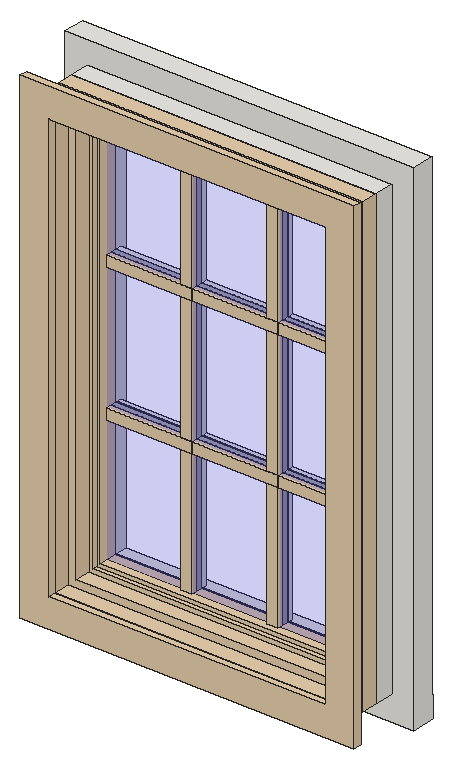
Revit family "Window-Casement_Fixed-Andersen-400_Series 2", category Windows, host Wall, Revit 2013 (continued)
Dimensions and locks (in)
  aligned and locked: nested 1 to plane 29 "T Glazing"
  aligned and locked: nested 1 to plane 3 "Center (Left/Right)"
  aligned and locked: plane 8 "L Glazing" to nested 2
  aligned and locked: nested 3 to plane 29 "T Glazing"
  aligned and locked: plane 8 "L Glazing" to nested 4
  aligned and locked: nested 5 to plane 29 "T Glazing"
  aligned and locked: plane 8 "L Glazing" to nested 6
  aligned and locked: plane 8 "L Glazing" to nested 7
  aligned and locked: Extrusion 5 sketch curve to plane 49 "Flange"
  aligned and locked: host wall to Masking region 11 sketch curve
  aligned and locked: plane 4 "R Frame" to Masking region 11 sketch curve
  aligned and locked: Masking region 11 sketch curve to plane 5 "L Frame"
  aligned and locked: plane 57 "Exterior Offset" to Masking region 11 sketch curve
  aligned and locked: plane 27 "R Casing 4" to Masking region 11 sketch curve
  aligned and locked: Masking region 11 sketch curve to plane 17 "L Casing 4"
  aligned and locked: plane 39 "B Glazing" to Extrusion 8 sketch curve
  aligned and locked: plane 66 "Sash1 S1" to Extrusion 9
  aligned and locked: host wall to curve 12
  aligned and locked: plane 7 "T Frame" to Extrusion 11 sketch curve
  aligned and locked: Extrusion 11 sketch curve to plane 4 "R Frame"
  aligned and locked: Extrusion 11 sketch curve to plane 6 "B Frame"
  aligned and locked: plane 5 "L Frame" to Extrusion 11 sketch curve
  aligned and locked: plane 30 "T Ext Frame" to Extrusion 11 sketch curve
  aligned and locked: Extrusion 11 sketch curve to plane 19 "R Ext Frame"
  aligned and locked: plane 9 "L Ext Frame" to Extrusion 11 sketch curve
  aligned and locked: Extrusion 11 sketch curve to plane 40 "B Ext Frame"
  aligned and locked: plane 48 "Frame S1" to Extrusion 11
  aligned and locked: Extrusion 10 sketch curve to plane 39 "B Glazing"
  aligned and locked: plane 39 "B Glazing" to curve 21
  aligned and locked: plane 39 "B Glazing" to curve 20
  aligned and locked: plane 39 "B Glazing" to curve 22
  aligned and locked: plane 39 "B Glazing" to curve 19
  aligned and locked: plane 39 "B Glazing" to Extrusion 9 sketch curve
  aligned and locked: plane 55 "Frame S2" to Masking region 1 sketch curve
  aligned and locked: Masking region 1 sketch curve to plane 55 "Frame S2"
  aligned and locked: plane 69 "Stop S1" to Masking region 4 sketch curve
  aligned and locked: plane 55 "Frame S2" to Masking region 4 sketch curve
  aligned and locked: Masking region 4 sketch curve to plane 55 "Frame S2"
  aligned and locked: plane 70 "T Sash" to Extrusion 9 sketch curve
  aligned and locked: plane 68 "L Sash" to Extrusion 9 sketch curve
  aligned and locked: Extrusion 9 sketch curve to plane 67 "R Sash"
  aligned and locked: Extrusion 8 sketch curve to plane 70 "T Sash"
  aligned and locked: Extrusion 8 sketch curve to plane 68 "L Sash"
  aligned and locked: plane 67 "R Sash" to Extrusion 8 sketch curve
  aligned and locked: Extrusion 11 to plane 54 "Sash1 S2"
  aligned and locked: plane 71 "T Int Frame" to Extrusion 12 sketch curve
  aligned and locked: plane 73 "L Int Frame" to Extrusion 12 sketch curve
  aligned and locked: Extrusion 12 sketch curve to plane 74 "R Int Frame"
  aligned and locked: Extrusion 12 sketch curve to plane 72 "B Int Frame"
  aligned and locked: Extrusion 12 sketch curve to plane 6 "B Frame"
  aligned and locked: Extrusion 12 sketch curve to plane 4 "R Frame"
  aligned and locked: plane 7 "T Frame" to Extrusion 12 sketch curve
  aligned and locked: plane 5 "L Frame" to Extrusion 12 sketch curve
  aligned and locked: plane 54 "Sash1 S2" to Extrusion 12
  aligned and locked: Extrusion 12 to plane 55 "Frame S2"
  aligned and locked: Extrusion 13 sketch curve to plane 54 "Sash1 S2"
  aligned and locked: Extrusion 13 sketch curve to plane 74 "R Int Frame"
  aligned and locked: plane 69 "Stop S1" to Extrusion 13 sketch curve
  aligned and locked: plane 20 "R Stop" to Extrusion 13 sketch curve
  aligned and locked: plane 10 "L Stop" to Extrusion 13 sketch curve
  aligned and locked: plane 54 "Sash1 S2" to Extrusion 13 sketch curve
  aligned and locked: Extrusion 13 sketch curve to plane 73 "L Int Frame"
  aligned and locked: Extrusion 13 sketch curve to plane 69 "Stop S1"
  aligned and locked: plane 72 "B Int Frame" to Extrusion 13
  aligned and locked: Extrusion 13 to plane 71 "T Int Frame"
  aligned and locked: Masking region 1 sketch curve to plane 74 "R Int Frame"
  aligned and locked: Masking region 1 sketch curve to plane 73 "L Int Frame"
  aligned and locked: plane 7 "T Frame" to Sweep 14 sketch curve
  aligned and locked: plane 5 "L Frame" to Sweep 14 sketch curve
  aligned and locked: Sweep 14 sketch curve to plane 6 "B Frame"
  aligned and locked: Sweep 14 sketch curve to plane 4 "R Frame"
  aligned and locked: Sweep 14 sketch curve to plane 55 "Frame S2"
  aligned and locked: plane 65 "Xjamb S1" to Extrusion 3
  aligned and locked: host wall to Extrusion 3
  aligned and locked: Masking region 4 sketch curve to plane 71 "T Int Frame"
  aligned and locked: Masking region 4 sketch curve to plane 72 "B Int Frame"
  aligned and locked: plane 75 "T Stop" to curve 31
  aligned and locked: plane 10 "L Stop" to curve 34
  aligned and locked: curve 32 to plane 20 "R Stop"
  aligned and locked: plane 71 "T Int Frame" to curve 86
  aligned and locked: curve 87 to plane 74 "R Int Frame"
  aligned and locked: plane 73 "L Int Frame" to curve 89
  aligned and locked: curve 88 to plane 72 "B Int Frame"
  aligned and locked: plane 68 "L Sash" to curve 24
  aligned and locked: plane 70 "T Sash" to curve 23
  aligned and locked: curve 26 to plane 67 "R Sash"
  aligned and locked: plane 4 "R Frame" to curve 96
  aligned and locked: plane 5 "L Frame" to curve 96
  aligned and locked: host wall to curve 96
  aligned and locked: Masking region 12 sketch curve to plane 65 "Xjamb S1"  (x2)
  aligned and locked: Masking region 12 sketch curve to Sweep 14  (x3)
  aligned and locked: Masking region 12 sketch curve to plane 71 "T Int Frame"
  aligned and locked: Masking region 12 sketch curve to plane 69 "Stop S1"
  aligned and locked: plane 72 "B Int Frame" to Masking region 12 sketch curve
  aligned and locked: Masking region 13 sketch curve to plane 33 "T Xjamb 2"
  aligned and locked: plane 65 "Xjamb S1" to Masking region 13 sketch curve  (x2)
  aligned and locked: plane 71 "T Int Frame" to Masking region 13 sketch curve
  aligned and locked: plane 69 "Stop S1" to Masking region 13 sketch curve
  aligned and locked: Masking region 13 sketch curve to plane 72 "B Int Frame"
  aligned and locked: plane 41 "B Xjamb 2" to Masking region 13 sketch curve
  aligned and locked: host wall to Masking region 13 sketch curve
  aligned and locked: host wall to Masking region 14 sketch curve
  aligned and locked: Masking region 14 sketch curve to plane 44 "B Int Casing"
  aligned and locked: plane 58 "Interior Casing" to Masking region 14 sketch curve
  aligned and locked: plane 38 "T Int Casing" to Masking region 14 sketch curve
  aligned and locked: plane 65 "Xjamb S1" to curve 100
  aligned and locked: Sweep 14 to curve 100
  aligned and locked: plane 72 "B Int Frame" to curve 100
  aligned and locked: plane 65 "Xjamb S1" to curve 101
  aligned and locked: host wall to curve 101
  aligned and locked: plane 56 "B Xjamb 1" to curve 101
  aligned and locked: plane 58 "Interior Casing" to curve 102
  aligned and locked: plane 56 "B Xjamb 1" to curve 102
  aligned and locked: plane 65 "Xjamb S1" to curve 97
  aligned and locked: Sweep 14 to curve 97
  aligned and locked: plane 71 "T Int Frame" to curve 97
  aligned and locked: plane 65 "Xjamb S1" to curve 98
  aligned and locked: host wall to curve 98
  aligned and locked: plane 31 "T Xjamb 1" to curve 98
  aligned and locked: plane 58 "Interior Casing" to curve 99
  aligned and locked: plane 31 "T Xjamb 1" to curve 99
  aligned and locked: Masking region 15 sketch curve to plane 65 "Xjamb S1"  (x2)
  aligned and locked: plane 74 "R Int Frame" to Masking region 15 sketch curve
  aligned and locked: Masking region 15 sketch curve to plane 69 "Stop S1"
  aligned and locked: Masking region 15 sketch curve to plane 73 "L Int Frame"
  aligned and locked: Masking region 15 sketch curve to Sweep 14  (x2)
  aligned and locked: Masking region 16 sketch curve to plane 65 "Xjamb S1"  (x2)
  aligned and locked: plane 74 "R Int Frame" to Masking region 16 sketch curve
  aligned and locked: Masking region 16 sketch curve to plane 69 "Stop S1"
  aligned and locked: Masking region 16 sketch curve to plane 73 "L Int Frame"
  aligned and locked: plane 13 "L Xjamb 2" to Masking region 16 sketch curve
  aligned and locked: Masking region 16 sketch curve to host wall
  aligned and locked: Masking region 16 sketch curve to plane 23 "R Xjamb 2"
  aligned and locked: host wall to Masking region 17 sketch curve
  aligned and locked: plane 45 "L Int Casing" to Masking region 17 sketch curve
  aligned and locked: plane 58 "Interior Casing" to Masking region 17 sketch curve
  aligned and locked: Masking region 17 sketch curve to plane 28 "R Int Casing"
  aligned and locked: plane 65 "Xjamb S1" to curve 106
  aligned and locked: Sweep 14 to curve 106
  aligned and locked: plane 73 "L Int Frame" to curve 106
  aligned and locked: plane 65 "Xjamb S1" to curve 107
  aligned and locked: host wall to curve 107
  aligned and locked: plane 11 "L Xjamb 1" to curve 107
  aligned and locked: plane 58 "Interior Casing" to curve 108
  aligned and locked: plane 11 "L Xjamb 1" to curve 108
  aligned and locked: plane 65 "Xjamb S1" to curve 103
  aligned and locked: Sweep 14 to curve 103
  aligned and locked: plane 74 "R Int Frame" to curve 103
  aligned and locked: plane 65 "Xjamb S1" to curve 104
  aligned and locked: host wall to curve 104
  aligned and locked: plane 21 "R Xjamb 1" to curve 104
  aligned and locked: plane 58 "Interior Casing" to curve 105
  aligned and locked: plane 21 "R Xjamb 1" to curve 105
  aligned and locked: plane 69 "Stop S1" to Masking region 1 sketch curve
  aligned and locked: curve 33 to plane 59 "Vertical Bar Length"
  aligned and locked: Extrusion 15 sketch curve to plane 71 "T Int Frame"
  aligned and locked: plane 54 "Sash1 S2" to Extrusion 15 sketch curve  (x2)
  aligned and locked: Extrusion 15 sketch curve to plane 69 "Stop S1"  (x2)
  aligned and locked: Extrusion 15 to plane 73 "L Int Frame"
  aligned and locked: plane 74 "R Int Frame" to Extrusion 15
  aligned and locked: plane 25 "R Casing 2" to curve 4
  aligned and locked: plane 47 "Casing S2" to curve 3
  aligned and locked: plane 26 "R Casing 3" to curve 3
  aligned and locked: plane 46 "Casing S1" to curve 3
  aligned and locked: plane 15 "L Casing 2" to curve 2
  aligned and locked: plane 47 "Casing S2" to cut or joined group of Extrusion 5, Sweep 6
  aligned and locked: plane 16 "L Casing 3" to curve 1
  aligned and locked: plane 46 "Casing S1" to cut or joined group of Extrusion 5, Sweep 6
  aligned and locked: plane 35 "T Casing 2" to curve 17
  aligned and locked: plane 36 "T Casing 3" to curve 16
  aligned and locked: plane 46 "Casing S1" to curve 16
  aligned and locked: Extrusion 5 sketch curve to plane 6 "B Frame"
  aligned and locked: Masking region 6 sketch curve to cut or joined group of Extrusion 5, Sweep 6
  aligned and locked: Extrusion 7 sketch curve to plane 6 "B Frame"
  aligned and locked: plane 46 "Casing S1" to curve 35
  aligned and locked: plane 46 "Casing S1" to curve 36
  aligned and locked: plane 46 "Casing S1" to curve 134
  aligned and locked: plane 49 "Flange" to curve 134
  aligned and locked: plane 55 "Frame S2" to curve 135
  aligned and locked: plane 46 "Casing S1" to curve 132
  aligned and locked: plane 49 "Flange" to curve 132
  aligned and locked: plane 55 "Frame S2" to curve 133
  aligned and locked: plane 17 "L Casing 4" to curve 134
  aligned and locked: plane 5 "L Frame" to curve 135
  aligned and locked: plane 27 "R Casing 4" to curve 132
  aligned and locked: plane 4 "R Frame" to curve 133
  aligned and locked: plane 49 "Flange" to curve 136
  aligned and locked: plane 37 "T Casing 4" to curve 136
  aligned and locked: plane 48 "Frame S1" to curve 137
  aligned and locked: plane 55 "Frame S2" to curve 137
  aligned and locked: plane 7 "T Frame" to curve 137
  aligned and locked: plane 46 "Casing S1" to curve 138
  aligned and locked: plane 49 "Flange" to curve 138
  aligned and locked: plane 43 "B Casing 2" to curve 138
  aligned and locked: plane 48 "Frame S1" to curve 139
  aligned and locked: plane 55 "Frame S2" to curve 139
  aligned and locked: plane 6 "B Frame" to curve 139
  aligned and locked: plane 49 "Flange" to curve 133
  aligned and locked: plane 49 "Flange" to curve 135
  aligned and locked: plane 49 "Flange" to plane 50 "Glass1 S1"
  aligned and locked: plane 6 "B Frame" to curve 218
  aligned and locked: curve 218 to plane 49 "Flange"
  aligned and locked: plane 7 "T Frame" to curve 85
  aligned and locked: plane 49 "Flange" to curve 85
  aligned and locked: plane 4 "R Frame" to curve 37
  aligned and locked: plane 49 "Flange" to curve 37
  aligned and locked: plane 5 "L Frame" to curve 59
  aligned and locked: curve 59 to plane 49 "Flange"
  aligned and locked: plane 48 "Frame S1" to curve 10
  aligned and locked: plane 69 "Stop S1" to curve 10
  aligned and locked: plane 48 "Frame S1" to curve 11
  aligned and locked: plane 69 "Stop S1" to curve 11
  aligned and locked: plane 47 "Casing S2" to curve 224
  aligned and locked: plane 48 "Frame S1" to curve 224
  aligned and locked: curve 13 to plane 8 "L Glazing"
  aligned and locked: curve 12 to plane 18 "R Glazing"
  aligned and locked: plane 75 "T Stop" to Extrusion 15 sketch curve
  aligned and locked: Extrusion 15 sketch curve to plane 76 "B Stop"
  aligned and locked: plane 72 "B Int Frame" to Extrusion 15 sketch curve
  aligned and locked: Sweep 16 sketch curve to plane 7 "T Frame"
  aligned and locked: Sweep 16 sketch curve to plane 5 "L Frame"  (x2)
  aligned and locked: plane 4 "R Frame" to Sweep 16 sketch curve
  aligned and locked: plane 6 "B Frame" to Sweep 16 sketch curve
  aligned and locked: plane 8 "L Glazing" to Sweep 16 sketch curve
  aligned and locked: Sweep 16 sketch curve to plane 49 "Flange"
  aligned and locked: plane 48 "Frame S1" to Sweep 16 sketch curve
  aligned and locked: plane 9 "L Ext Frame" to Sweep 16 sketch curve
  aligned and locked: plane 66 "Sash1 S1" to Sweep 16 sketch curve
  aligned and locked: Sweep 17 sketch curve to plane 7 "T Frame"
  aligned and locked: Sweep 17 sketch curve to plane 5 "L Frame"  (x2)
  aligned and locked: plane 4 "R Frame" to Sweep 17 sketch curve
  aligned and locked: plane 6 "B Frame" to Sweep 17 sketch curve
  aligned and locked: plane 8 "L Glazing" to Sweep 17 sketch curve
  aligned and locked: plane 50 "Glass1 S1" to Sweep 17 sketch curve
  aligned and locked: Sweep 17 sketch curve to plane 55 "Frame S2"
  aligned and locked: plane 10 "L Stop" to Sweep 17 sketch curve
  aligned and locked: Sweep 17 sketch curve to plane 54 "Sash1 S2"
Automatic sketch dimensions
  curve 35 to curve 35 = 0' - 0 7/16"
  Sweep 14 sketch curve to profile plane = 0' - 0"
  curve 167 to curve 143 = 0' - 0.196"
  curve 167 to curve 169 = 0' - 0.28306"
  curve 144 to curve 175 = 0' - 0.27094"
  curve 144 to curve 170 = 0' - 0.56794"
  curve 170 to curve 171 = 0' - 0.733"
  curve 171 to curve 172 = 0' - 0.267"
  curve 146 to curve 165 = 0' - 0.549"
  curve 142 to curve 161 = 0' - 0.107"
  curve 161 to curve 148 = 0' - 0.066"
  curve 148 to curve 158 = 0' - 0.626"
  curve 145 to curve 151 = 0' - 0.844"
  curve 158 to curve 156 = 0' - 0.371"
  curve 151 to curve 150 = 0' - 0.313"
  curve 150 to curve 150 = 0' - 0.187"
  curve 149 to curve 164 = 0' - 0.07303"
  curve 168 to curve 167 = 0' - 0.149"
  curve 143 to curve 143 = 0' - 0.345"
  curve 175 to curve 169 = 0' - 0.047"
  curve 148 to curve 155 = 0' - 0.096"
  curve 141 to curve 140 = 0' - 0.451"
  curve 153 to curve 158 = 0' - 0.096"
  curve 163 to curve 163 = 0' - 0.23897"
  curve 163 to curve 141 = 0' - 0.08989"
  curve 141 to curve 150 = 0' - 0.096"
  curve 150 to curve 160 = 0' - 0.156"
  curve 141 to curve 143 = 0' - 0.457"
  curve 151 to curve 145 = 0' - 0.281"
  curve 145 to curve 165 = 0' - 0.174"
  curve 142 to curve 162 = 0' - 0.0882"
  curve 142 to curve 146 = 0' - 0.217"
  curve 165 to curve 167 = 0' - 0.437"
  curve 145 to curve 159 = 0' - 0.647"
  curve 161 to curve 147 = 0' - 0.4378"
  curve 167 to curve 175 = 0' - 0.267"
  curve 147 to curve 157 = 0' - 0.23255"
  curve 174 to curve 144 = 0' - 0.07316"
  curve 146 to curve 146 = 0' - 0.768"
  curve 156 to curve 157 = 0' - 0.25024"
  curve 147 to curve 152 = 0' - 0.489"
  curve 174 to curve 170 = 0' - 0.484"
  curve 146 to curve 171 = 0' - 0.28"
  curve 140 to curve 141 = 0' - 2.153"
  curve 140 to curve 141 = 0' - 0.528"
  curve 155 to curve 148 = 0' - 0.13544"
  curve 152 to curve 146 = 0' - 0.095"
  curve 173 to curve 169 = 0' - 0.296"
  curve 157 to curve 153 = 0' - 0.0062"
  curve 148 to curve 154 = 0' - 0"
  curve 128 to curve 72 = 0' - 0.655"
  curve 72 to curve 78 = 0' - 0 7/16"
  curve 73 to curve 74 = 0' - 0 11/16"
  curve 74 to curve 84 = 0' - 0 7/8"
  curve 84 to curve 82 = 0' - 0 5/8"
  curve 82 to curve 76 = 0' - 0 1/4"
  curve 76 to curve 76 = 0' - 0 1/8"
  curve 131 to curve 128 = 0' - 0.595"
  curve 71 to curve 71 = 0' - 0.193"
  curve 74 to curve 80 = 0' - 0 1/8"
  curve 81 to curve 83 = 0' - 0 1/8"
  curve 85 to curve 70 = 0' - 0 7/8"
  curve 75 to curve 70 = 0' - 0.312"
  curve 74 to curve 84 = 0' - 0"
  curve 83 to curve 82 = 0' - 0.11677"
  curve 74 to curve 78 = 0' - 0.11677"
  curve 73 to curve 130 = 0' - 0.13323"
  curve 82 to curve 127 = 0' - 0 7/16"
  curve 72 to curve 131 = 0' - 0 5/16"
  curve 82 to curve 75 = 0' - 0.07073"
  curve 82 to curve 84 = 0' - 0.33573"
  curve 128 to curve 129 = 0' - 0.235"
  curve 75 to curve 75 = 0' - 1"
  curve 76 to curve 77 = 0' - 0 1/16"
  curve 79 to curve 83 = 0' - 0"
  curve 80 to curve 74 = 0' - 0"
  curve 74 to curve 81 = 0' - 0 1/8"
  curve 70 to curve 85 = 0' - 0 9/16"
  curve 85 to curve 85 = 0' - 1 5/8"
  curve 193 to curve 178 = 0' - 0.655"
  curve 178 to curve 184 = 0' - 0 7/16"
  curve 179 to curve 180 = 0' - 0 11/16"
  curve 180 to curve 190 = 0' - 0 7/8"
  curve 190 to curve 188 = 0' - 0 5/8"
  curve 188 to curve 182 = 0' - 0 1/4"
  curve 182 to curve 182 = 0' - 0 1/8"
  curve 196 to curve 193 = 0' - 0.595"
  curve 177 to curve 177 = 0' - 0.193"
  curve 180 to curve 186 = 0' - 0 1/8"
  curve 187 to curve 189 = 0' - 0 1/8"
  curve 191 to curve 176 = 0' - 0 7/8"
  curve 181 to curve 176 = 0' - 0.312"
  curve 180 to curve 190 = 0' - 0"
  curve 189 to curve 188 = 0' - 0.11677"
  curve 180 to curve 184 = 0' - 0.11677"
  curve 179 to curve 195 = 0' - 0.13323"
  curve 188 to curve 192 = 0' - 0 7/16"
  curve 178 to curve 196 = 0' - 0 5/16"
  curve 188 to curve 181 = 0' - 0.07073"
  curve 188 to curve 190 = 0' - 0.33573"
  curve 193 to curve 194 = 0' - 0.235"
  curve 181 to curve 181 = 0' - 1"
  curve 182 to curve 183 = 0' - 0 1/16"
  curve 185 to curve 189 = 0' - 0"
  curve 186 to curve 180 = 0' - 0"
  curve 180 to curve 187 = 0' - 0 1/8"
  curve 176 to curve 191 = 0' - 0 9/16"
  curve 191 to curve 191 = 0' - 1 5/8"
  curve 220 to curve 205 = 0' - 0.655"
  curve 205 to curve 211 = 0' - 0 7/16"
  curve 206 to curve 207 = 0' - 0 11/16"
  curve 207 to curve 217 = 0' - 0 7/8"
  curve 217 to curve 215 = 0' - 0 5/8"
  curve 215 to curve 209 = 0' - 0 1/4"
  curve 209 to curve 209 = 0' - 0 1/8"
  curve 223 to curve 220 = 0' - 0.595"
  curve 204 to curve 204 = 0' - 0.193"
  curve 207 to curve 213 = 0' - 0 1/8"
  curve 214 to curve 216 = 0' - 0 1/8"
  curve 218 to curve 203 = 0' - 0 7/8"
  curve 208 to curve 203 = 0' - 0.312"
  curve 207 to curve 217 = 0' - 0"
  curve 215 to curve 216 = 0' - 0.11677"
  curve 211 to curve 207 = 0' - 0.11677"
  curve 222 to curve 206 = 0' - 0.13323"
  curve 219 to curve 215 = 0' - 0 7/16"
  curve 223 to curve 205 = 0' - 0 5/16"
  curve 208 to curve 215 = 0' - 0.07073"
  curve 217 to curve 215 = 0' - 0.33573"
  curve 221 to curve 220 = 0' - 0.235"
  curve 208 to curve 208 = 0' - 1"
  curve 210 to curve 209 = 0' - 0 1/16"
  curve 212 to curve 216 = 0' - 0"
  curve 213 to curve 207 = 0' - 0"
  curve 214 to curve 207 = 0' - 0 1/8"
  curve 218 to curve 203 = 0' - 0 9/16"
  curve 218 to curve 218 = 0' - 1 5/8"
  curve 109 to curve 40 = 0' - 0.08"
  curve 39 to curve 200 = 0' - 0.4665"
  curve 39 to curve 197 = 0' - 0.7325"
  curve 112 to curve 91 = 0' - 0 5/16"
  curve 41 to curve 40 = 0' - 0.31933"
  curve 40 to curve 110 = 0' - 0.05314"
  curve 90 to curve 38 = 0' - 0 5/16"
  curve 110 to curve 110 = 0' - 0.43976"
  curve 38 to curve 42 = 0' - 0 1/4"
  curve 51 to curve 41 = 0' - 0.06277"
  curve 37 to curve 109 = 0' - 2 1/16"
  curve 37 to curve 109 = 0' - 0 9/16"
  curve 55 to curve 41 = 0' - 0 1/8"
  curve 38 to curve 111 = 0' - 0.18723"
  curve 55 to curve 53 = 0' - 0 1/8"
  curve 55 to curve 54 = 0' - 0 1/8"
  curve 112 to curve 91 = 0' - 0 21/32"
  curve 38 to curve 42 = 0' - 1 1/8"
  curve 42 to curve 41 = 0' - 0 7/8"
  curve 41 to curve 110 = 0' - 0 5/8"
  curve 41 to curve 121 = 0' - 0 7/8"
  curve 110 to curve 40 = 0' - 0 3/8"
  curve 91 to curve 112 = 0' - 0 19/32"
  curve 200 to curve 112 = 0' - 0.19175"
  curve 43 to curve 42 = 0' - 0 11/16"
  curve 42 to curve 54 = 0' - 0 1/8"
  curve 53 to curve 41 = 0' - 0 1/8"
  curve 37 to curve 109 = 0' - 0 7/8"
  curve 39 to curve 121 = 0' - 0.312"
  curve 113 to curve 47 = 0' - 0.08"
  curve 46 to curve 201 = 0' - 0.4665"
  curve 46 to curve 198 = 0' - 0.7325"
  curve 116 to curve 93 = 0' - 0 5/16"
  curve 48 to curve 47 = 0' - 0.31933"
  curve 47 to curve 114 = 0' - 0.05314"
  curve 92 to curve 45 = 0' - 0 5/16"
  curve 114 to curve 114 = 0' - 0.43976"
  curve 45 to curve 49 = 0' - 0 1/4"
  curve 52 to curve 48 = 0' - 0.06277"
  curve 44 to curve 113 = 0' - 2 1/16"
  curve 44 to curve 113 = 0' - 0 9/16"
  curve 58 to curve 48 = 0' - 0 1/8"
  curve 45 to curve 115 = 0' - 0.18723"
  curve 58 to curve 56 = 0' - 0 1/8"
  curve 58 to curve 57 = 0' - 0 1/8"
  curve 116 to curve 93 = 0' - 0 21/32"
  curve 45 to curve 49 = 0' - 1 1/8"
  curve 49 to curve 48 = 0' - 0 7/8"
  curve 48 to curve 114 = 0' - 0 5/8"
  curve 48 to curve 122 = 0' - 0 7/8"
  curve 114 to curve 47 = 0' - 0 3/8"
  curve 93 to curve 116 = 0' - 0 19/32"
  curve 201 to curve 116 = 0' - 0.19175"
  curve 50 to curve 49 = 0' - 0 11/16"
  curve 49 to curve 57 = 0' - 0 1/8"
  curve 56 to curve 48 = 0' - 0 1/8"
  curve 44 to curve 113 = 0' - 0 7/8"
  curve 46 to curve 122 = 0' - 0.312"
  curve 117 to curve 62 = 0' - 0.08"
  curve 61 to curve 202 = 0' - 0.4665"
  curve 61 to curve 199 = 0' - 0.7325"
  curve 120 to curve 95 = 0' - 0 5/16"
  curve 63 to curve 62 = 0' - 0.31933"
  curve 62 to curve 118 = 0' - 0.05314"
  curve 94 to curve 60 = 0' - 0 5/16"
  curve 118 to curve 118 = 0' - 0.43976"
  curve 60 to curve 64 = 0' - 0 1/4"
  curve 66 to curve 63 = 0' - 0.06277"
  curve 59 to curve 117 = 0' - 2 1/16"
  curve 59 to curve 117 = 0' - 0 9/16"
  curve 69 to curve 63 = 0' - 0 1/8"
  curve 60 to curve 119 = 0' - 0.18723"
  curve 69 to curve 67 = 0' - 0 1/8"
  curve 69 to curve 68 = 0' - 0 1/8"
  curve 95 to curve 120 = 0' - 0 21/32"
  curve 64 to curve 60 = 0' - 1 1/8"
  curve 63 to curve 64 = 0' - 0 7/8"
  curve 118 to curve 63 = 0' - 0 5/8"
  curve 123 to curve 63 = 0' - 0 7/8"
  curve 62 to curve 118 = 0' - 0 3/8"
  curve 120 to curve 95 = 0' - 0 19/32"
  curve 120 to curve 202 = 0' - 0.19175"
  curve 64 to curve 65 = 0' - 0 11/16"
  curve 68 to curve 64 = 0' - 0 1/8"
  curve 63 to curve 67 = 0' - 0 1/8"
  curve 117 to curve 59 = 0' - 0 7/8"
  curve 123 to curve 61 = 0' - 0.312"
  curve 136 to plane 46 "Casing S1" = 0' - 0"
  curve 4 to plane 22 "R Casing 1" = 0' - 0"
  curve 1 to plane 46 "Casing S1" = 0' - 0"
  curve 5 to plane 48 "Frame S1" = 0' - 0"
  curve 35 to plane 4 "R Frame" = 0' - 0"
  curve 35 to plane 48 "Frame S1" = 0' - 0"
  curve 36 to plane 48 "Frame S1" = 0' - 0"
  host wall to curve 13 = 0' - 0"
  curve 2 to plane 12 "L Casing 1" = 0' - 0"
  Extrusion 8 sketch curve to plane 40 "B Ext Frame" = 0' - 0.18664"
  Extrusion 9 sketch curve to plane 40 "B Ext Frame" = 0' - 0.18664"
  curve 25 to plane 40 "B Ext Frame" = 0' - 0.18664"
Nested families (in)
  nested 1: "Andersen Grille Bar" at (0, 1.5625, 64.25) x (-1, 0, 0) z (0, 1, 0), Center Line <- "Bar Center Line", Bar Length <- "TS V Bar Length", Bar Width <- "Grille Bar Size", visible <- "TS S V", type "Andersen Grille Bar"
    with Glass / 2 0' - 0 1/8", Glass 0' - 0 5/8", Center Line Length 2' - 7 1/2", Center Line 2, Bar Width 0' - 0 7/8", Bar Length 2' - 7 1/2"
  nested 2: "Andersen Grille Bar" at (0, 1.5625, 64.25) x (0, 0, -1) z (0, 1, 0), Bar Length <- "H DLO", visible <- "TS S H", Bar Width <- "Horizontal Craftsman Bar Size", type "Andersen Grille Bar"
    with Glass / 2 0' - 0 1/8", Glass 0' - 0 5/8", Center Line Length 1' - 7 1/2", Center Line 2, Bar Width 0' - 0 7/8", Bar Length 1' - 7 1/2"
  nested 3: "Andersen Grille Bar" at (3.39583, 1.5625, 64.25) x (-1, 0, 0) z (0, 1, 0), Center Line <- "Bar Center Line", Bar Length <- "TS V Bar Length", Bar Width <- "Grille Bar Size", visible <- "TS M V", type "Andersen Grille Bar"
    with Glass / 2 0' - 0 1/8", Glass 0' - 0 5/8", Center Line Length 2' - 7 1/2", Center Line 2, Bar Width 0' - 0 7/8", Bar Length 2' - 7 1/2"
  nested 4: "Andersen Grille Bar" at (0, 1.5625, 58.85417) x (0, 0, -1) z (0, 1, 0), Center Line <- "Bar Center Line", Bar Length <- "H DLO", visible <- "TS M H", Bar Width <- "Grille Bar Size", type "Andersen Grille Bar"
    with Glass / 2 0' - 0 1/8", Glass 0' - 0 5/8", Center Line Length 1' - 7 1/2", Center Line 2, Bar Width 0' - 0 7/8", Bar Length 1' - 7 1/2"
  nested 5: "Andersen Grille Bar" at (-3.39583, 1.5625, 64.25) x (-1, 0, 0) z (0, 1, 0), Center Line <- "Bar Center Line", Bar Length <- "TS V Bar Length", Bar Width <- "Grille Bar Size", visible <- "TS M V", type "Andersen Grille Bar"
    with Glass / 2 0' - 0 1/8", Glass 0' - 0 5/8", Center Line Length 2' - 7 1/2", Center Line 2, Bar Width 0' - 0 7/8", Bar Length 2' - 7 1/2"
  nested 6: "Andersen Grille Bar" at (0, 1.5625, 69.64583) x (0, 0, -1) z (0, 1, 0), Center Line <- "Bar Center Line", Bar Length <- "H DLO", visible <- "TS M H", Bar Width <- "Grille Bar Size", type "Andersen Grille Bar"
    with Glass / 2 0' - 0 1/8", Glass 0' - 0 5/8", Center Line Length 1' - 7 1/2", Center Line 2, Bar Width 0' - 0 7/8", Bar Length 1' - 7 1/2"
  nested 7: "Andersen Grille Bar" at (0, 1.5625, 64.25) x (0, 0, -1) z (0, 1, 0), Bar Length <- "H DLO", visible <- "TS S H Craftsman", Bar Width <- "Grille Bar Size", type "Andersen Grille Bar"
    with Glass / 2 0' - 0 1/8", Glass 0' - 0 5/8", Center Line Length 1' - 7 1/2", Center Line 2, Bar Width 0' - 0 7/8", Bar Length 1' - 7 1/2"
Definition of nested family "Andersen Grille Bar"
  Parameters (values of type "Andersen Grille Bar")
    Interior Bar Visibility = yes
    Interior Bar Material = none
    Glass / 2 [instance] = (Glass / 2) - 0' 0 3/16"  # 0' - 0 1/8"
    Glass [instance] = 0' - 0 5/8"
    Exterior Bar Visibility = yes
    Exterior Bar Finish = none
    Default Elevation = 4' - 0"
    Center Line Length [instance] = if(Center Line = 1, Bar Length + (Bar Width / 2), Bar Length)  # 0' - 4 7/16"
    Center Line [instance] = 1
    Between Glass Bar Visibility = yes
    Between Glass Bar Finish = none
    Bar Width [instance] = 0' - 0 7/8"
    Bar Length [instance] = 0' - 4"
  Reference planes (in)
    plane 1 "Center (Front/Back)": y = 0
    plane 2 "a": z = 0
    plane 3 "Center (Left/Right)": x = 0
    plane 4 "1": x = -0.4375
    plane 5 "2": x = 0.4375
    plane 6: y = 2
    plane 7: y = -2
    plane 8 "b": z = -0.625
    plane 9: z = -0.125
    plane 10: y = -2.4375
    plane 11 "a1": z = 12
    plane 12 "a2": z = -12
  Forms (in)
    Extrusion 1, solid
      sketch origin (0, 0, 0) x (1, 0, 0) y (0, 1, 0)
        loop
          line (-48, 48) -> (-48, -48) -> (48, -48) -> (48, 48) -> (-48, 48)
      from 0 to -12
    Extrusion 2, solid, material <- "Exterior Bar Finish", visible <- "Exterior Bar Visibility", detail levels fine
      sketch origin (0, 0, 0) x (1, 0, 0) y (0, 1, 0)
        loop
          line (-0.4375, 2) -> (-0.4375, -2) -> (0.4375, -2) -> (0.4375, 2) -> (-0.4375, 2)
      from 0 to 0.375
    Extrusion 3, solid, material <- "Between Glass Bar Finish", visible <- "Between Glass Bar Visibility", detail levels fine
      sketch origin (0, 0, 0) x (1, 0, 0) y (0, 1, 0)
        loop
          line (-0.4375, 2) -> (-0.4375, -2) -> (0.4375, -2) -> (0.4375, 2) -> (-0.4375, 2)
      from -0.5 to -0.125
    Extrusion 4, solid, material <- "Interior Bar Material", visible <- "Interior Bar Visibility", detail levels fine
      sketch origin (0, 0, 0) x (1, 0, 0) y (0, 1, 0)
        loop
          line (-0.4375, 2) -> (-0.4375, -2) -> (0.4375, -2) -> (0.4375, 2) -> (-0.4375, 2)
      from -1 to -0.625
  Lines and regions (in)
    model lines, style "GenericModel", detail levels coarse+medium
      curve 1: line (0, 2, 0) -> (0, -2.4375, 0)
    symbolic lines, style "GenericModel", detail levels coarse+medium
      curve 2: line (0, 2, 12) -> (0, -2.4375, 12)
      curve 3: line (0, 2, -12) -> (0, -2.4375, -12)
    model lines, style "InvisibleLines", not visible, detail levels coarse
      curve 4: line (0, 0, 12) -> (0, 0, -12)
    symbolic lines, detail levels fine
      curve 5: line (-0.4375, 2, 0) -> (-0.4375, -2, 0)
      curve 6: line (0.4375, 2, 0) -> (0.4375, -2, 0)
  Dimensions and locks (in)
    "Glass": plane 2 "a" to plane 8 "b"
    "Glass / 2": plane 2 "a" to plane 9
    locked: Extrusion 2 to Extrusion 2 at 0.375
    locked: plane 9 to Extrusion 3 at 0.375
    locked: plane 8 "b" to Extrusion 4 at 0.375
    equal spacing: plane 4 "1", plane 3 "Center (Left/Right)", plane 5 "2"
    equal spacing: plane 6, plane 1 "Center (Front/Back)", plane 7
    "Bar Width": plane 4 "1" to plane 5 "2"
    "Bar Length": plane 6 to plane 7
    "Center Line Length": plane 6 to plane 10
    locked: plane 11 "a1" to plane 2 "a" at 12
    locked: plane 2 "a" to plane 12 "a2" at 12
    aligned and locked: plane 2 "a" to Extrusion 1
    aligned and locked: level to Extrusion 1
    aligned and locked: Extrusion 2 to plane 2 "a"
    aligned and locked: Extrusion 2 to plane 4 "1"
    aligned and locked: plane 5 "2" to Extrusion 2
    aligned and locked: plane 6 to Extrusion 2
    aligned and locked: Extrusion 2 to plane 7
    aligned and locked: plane 9 to Extrusion 3
    aligned and locked: Extrusion 3 to plane 4 "1"
    aligned and locked: plane 5 "2" to Extrusion 3
    aligned and locked: plane 6 to Extrusion 3
    aligned and locked: Extrusion 3 to plane 7
    aligned and locked: plane 8 "b" to Extrusion 4
    aligned and locked: Extrusion 4 to plane 4 "1"
    aligned and locked: plane 5 "2" to Extrusion 4
    aligned and locked: plane 6 to Extrusion 4
    aligned and locked: Extrusion 4 to plane 7
    aligned and locked: plane 6 to curve 1
    aligned and locked: plane 10 to curve 1
    aligned and locked: curve 1 to plane 3 "Center (Left/Right)"
    aligned and locked: plane 6 to curve 2
    aligned and locked: plane 10 to curve 2
    aligned and locked: curve 2 to plane 3 "Center (Left/Right)"
    aligned and locked: plane 6 to curve 3
    aligned and locked: plane 10 to curve 3
    aligned and locked: curve 3 to plane 3 "Center (Left/Right)"
    aligned and locked: plane 11 "a1" to curve 4
    aligned and locked: plane 12 "a2" to curve 4
    aligned and locked: curve 4 to plane 1 "Center (Front/Back)"
    aligned and locked: plane 6 to curve 5
    aligned and locked: plane 6 to curve 6
    aligned and locked: plane 7 to curve 6
    aligned and locked: plane 7 to curve 5
    aligned and locked: curve 5 to plane 4 "1"
    aligned and locked: curve 6 to plane 5 "2"
  Automatic sketch dimensions
    Extrusion 1 sketch curve to Extrusion 1 sketch curve = 8' - 0"  (x2)
    plane 7 to Extrusion 2 sketch curve = 0' - 0"
    Extrusion 2 sketch curve to plane 5 "2" = 0' - 0 7/8"
    Extrusion 2 sketch curve to plane 6 = 0' - 0"
    Extrusion 2 sketch curve to Extrusion 2 sketch curve = 0' - 0 7/8"
    plane 7 to Extrusion 3 sketch curve = 0' - 0"
    Extrusion 3 sketch curve to plane 5 "2" = 0' - 0 7/8"
    Extrusion 3 sketch curve to plane 6 = 0' - 0"
    Extrusion 3 sketch curve to Extrusion 3 sketch curve = 0' - 0 7/8"
    Extrusion 4 sketch curve to plane 7 = 0' - 0"
    Extrusion 4 sketch curve to plane 5 "2" = 0' - 0 7/8"
    Extrusion 4 sketch curve to plane 6 = 0' - 0"
    Extrusion 4 sketch curve to Extrusion 4 sketch curve = 0' - 0 7/8"
